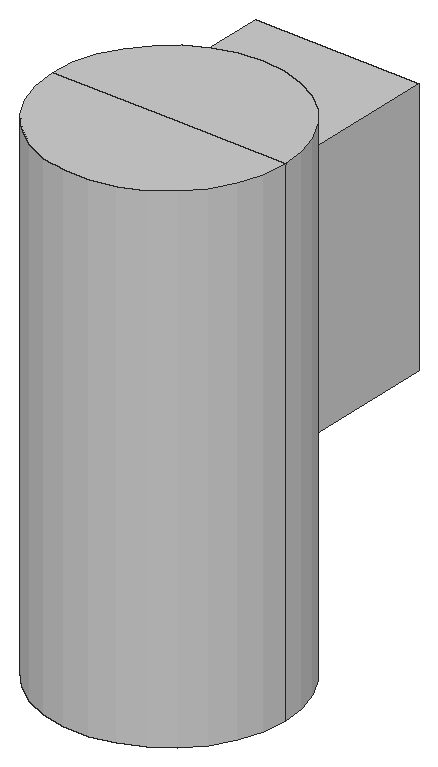
Revit family "WALL SINGLE TUBE 03_AM25W.1.38", category Luminarias, Revit 2019
Family settings
  Cota de conector redondo = Diámetro de uso
  Tipo de pieza = Normal
  Se basa en plano de trabajo = Sí
  Siempre vertical = No
  Corte con vacíos al cargar = No
  Origen de luz = Sí
  Compartido = No
  Punto de cálculo de habitación = No
Parameters (values of type "WALL SINGLE TUBE 03_AM25W.1.38")
  Ángulo de inclinación = 60.00°
  Zone [instance] = ""
  Watt per fixture = 30
  Wattage = 30 W
  built-in parameter 1150107 = 3000 (stored number, unit not read)
  built-in parameter 1150110 = 1 (stored number, unit not read)
  built-in parameter 1150109 = 1 (stored number, unit not read)
  built-in parameter 1150112 = 1 (stored number, unit not read)
  built-in parameter 1150113 = 1 (stored number, unit not read)
  built-in parameter 1114218 = 1 (stored number, unit not read)
  Keynote = ""
  built-in parameter 1150137 = (empty or 0)
  built-in parameter 1150132 = (empty or 0)
  Modelo = "AM25W.1.38"
  Lámpara = "NICHIA"
  built-in parameter 1150105 = 191.94 (stored number, unit not read)
  built-in parameter 1150102 = (empty or 0)
  built-in parameter 1150106 = 1.9194 (stored number, unit not read)
  Lumens = 2412 lm
  Color Filter = 16777215
  built-in parameter 1114217 = 1 (stored number, unit not read)
  built-in parameter 1150139 = (empty or 0)
  Fabricante = "BRILLANT"
  Default Elevation = 0 mm
  built-in parameter 1150104 = 7.4694 (stored number, unit not read)
  Descripción = "LUMINARIA DIRIGIBLE EN FORMA TUBULAR TIPO ARBOTANTE, DE MATERIAL EN ALEACION DE ALUMINIO EXTRUIDO CON UN PESO DE 3.1KG, CON 1 LED TIPO NICHIA CON UNA POTENCIA TOTAL DE 30W, 2412 LUMENES, TEMPERATURA EN BLANCO CALIDO 3000K, IRC 80, IP 65, IK10, APERTURA DE 38 GRADOS POR PROYECTO, CORRIENTE DE OPERACIÓN 270mA, CABLE DE 0.3M, ALIMENTADO A 100-277VAC"
  built-in parameter 1150115 = 1 (stored number, unit not read)
  built-in parameter 1150114 = 1 (stored number, unit not read)
  Comentarios de vataje = "100-277V"
  built-in parameter 1150138 = (empty or 0)
  built-in parameter 1150134 = (empty or 0)
  Circuit [instance] = ""
  Dimming Lamp Color Temperature Shift = (empty or 0)
  Archivo de red fotométrica = "AM24W.1_38º.IES"
  built-in parameter 1150133 = 10 (stored number, unit not read)
Reference planes
  plane 1 "Centro (Frontal/Posterior)": y = 0
  plane 2: z = 0
  plane 3 "Centro (Izquierda/Derecha)": x = 0
Forms (mm)
  Revolve 1, solid, material "Cristal", not visible
    sketch origin (-152, 0, 0) x (0, 1, 0) y (0, 0, -1)
      loop
        line (0, -8.749) -> (0, -7.25) -> (-1.499, -7.25)
        arc (-1.499, -7.25) -> (-1.06, -8.31) -> (0, -8.749) r 1.499
      axis (0, -7.25) -> (-1.499, -7.25)
    angle from 0 to 360
  Revolve 2, solid, material "Cristal", not visible
    sketch origin (-136, 0, 0) x (0, 1, 0) y (0, 0, -1)
      loop
        line (0, -8.749) -> (0, -7.25) -> (-1.499, -7.25)
        arc (-1.499, -7.25) -> (-1.06, -8.31) -> (0, -8.749) r 1.499
      axis (0, -7.25) -> (-1.499, -7.25)
    angle from 0 to 360
  Revolve 3, solid, material "Cristal", not visible
    sketch origin (-120, 0, 0) x (0, 1, 0) y (0, 0, -1)
      loop
        line (0, -8.749) -> (0, -7.25) -> (-1.499, -7.25)
        arc (-1.499, -7.25) -> (-1.06, -8.31) -> (0, -8.749) r 1.499
      axis (0, -7.25) -> (-1.499, -7.25)
    angle from 0 to 360
  Revolve 4, solid, material "Cristal", not visible
    sketch origin (-104, 0, 0) x (0, 1, 0) y (0, 0, -1)
      loop
        line (0, -8.749) -> (0, -7.25) -> (-1.499, -7.25)
        arc (-1.499, -7.25) -> (-1.06, -8.31) -> (0, -8.749) r 1.499
      axis (0, -7.25) -> (-1.499, -7.25)
    angle from 0 to 360
  Revolve 5, solid, material "Cristal", not visible
    sketch origin (-88, 0, 0) x (0, 1, 0) y (0, 0, -1)
      loop
        line (0, -8.749) -> (0, -7.25) -> (-1.499, -7.25)
        arc (-1.499, -7.25) -> (-1.06, -8.31) -> (0, -8.749) r 1.499
      axis (0, -7.25) -> (-1.499, -7.25)
    angle from 0 to 360
  Revolve 6, solid, material "Cristal", not visible
    sketch origin (-72, 0, 0) x (0, 1, 0) y (0, 0, -1)
      loop
        line (0, -8.749) -> (0, -7.25) -> (-1.499, -7.25)
        arc (-1.499, -7.25) -> (-1.06, -8.31) -> (0, -8.749) r 1.499
      axis (0, -7.25) -> (-1.499, -7.25)
    angle from 0 to 360
  Revolve 7, solid, material "Cristal", not visible
    sketch origin (-56, 0, 0) x (0, 1, 0) y (0, 0, -1)
      loop
        line (0, -8.749) -> (0, -7.25) -> (-1.499, -7.25)
        arc (-1.499, -7.25) -> (-1.06, -8.31) -> (0, -8.749) r 1.499
      axis (0, -7.25) -> (-1.499, -7.25)
    angle from 0 to 360
  Revolve 8, solid, material "Cristal", not visible
    sketch origin (-40, 0, 0) x (0, 1, 0) y (0, 0, -1)
      loop
        line (0, -8.749) -> (0, -7.25) -> (-1.499, -7.25)
        arc (-1.499, -7.25) -> (-1.06, -8.31) -> (0, -8.749) r 1.499
      axis (0, -7.25) -> (-1.499, -7.25)
    angle from 0 to 360
  Revolve 9, solid, material "Cristal", not visible
    sketch origin (-24, 0, 0) x (0, 1, 0) y (0, 0, -1)
      loop
        line (0, -8.749) -> (0, -7.25) -> (-1.499, -7.25)
        arc (-1.499, -7.25) -> (-1.06, -8.31) -> (0, -8.749) r 1.499
      axis (0, -7.25) -> (-1.499, -7.25)
    angle from 0 to 360
  Revolve 10, solid, material "Cristal", not visible
    sketch origin (-8, 0, 0) x (0, 1, 0) y (0, 0, -1)
      loop
        line (0, -8.749) -> (0, -7.25) -> (-1.499, -7.25)
        arc (-1.499, -7.25) -> (-1.06, -8.31) -> (0, -8.749) r 1.499
      axis (0, -7.25) -> (-1.499, -7.25)
    angle from 0 to 360
  Revolve 11, solid, material "Cristal", not visible
    sketch origin (8, 0, 0) x (0, 1, 0) y (0, 0, -1)
      loop
        line (0, -8.749) -> (0, -7.25) -> (-1.499, -7.25)
        arc (-1.499, -7.25) -> (-1.06, -8.31) -> (0, -8.749) r 1.499
      axis (0, -7.25) -> (-1.499, -7.25)
    angle from 0 to 360
  Revolve 12, solid, material "Cristal", not visible
    sketch origin (24, 0, 0) x (0, 1, 0) y (0, 0, -1)
      loop
        line (0, -8.749) -> (0, -7.25) -> (-1.499, -7.25)
        arc (-1.499, -7.25) -> (-1.06, -8.31) -> (0, -8.749) r 1.499
      axis (0, -7.25) -> (-1.499, -7.25)
    angle from 0 to 360
  Revolve 13, solid, material "Cristal", not visible
    sketch origin (40, 0, 0) x (0, 1, 0) y (0, 0, -1)
      loop
        line (0, -8.749) -> (0, -7.25) -> (-1.499, -7.25)
        arc (-1.499, -7.25) -> (-1.06, -8.31) -> (0, -8.749) r 1.499
      axis (0, -7.25) -> (-1.499, -7.25)
    angle from 0 to 360
  Revolve 14, solid, material "Cristal", not visible
    sketch origin (56, 0, 0) x (0, 1, 0) y (0, 0, -1)
      loop
        line (0, -8.749) -> (0, -7.25) -> (-1.499, -7.25)
        arc (-1.499, -7.25) -> (-1.06, -8.31) -> (0, -8.749) r 1.499
      axis (0, -7.25) -> (-1.499, -7.25)
    angle from 0 to 360
  Revolve 15, solid, material "Cristal", not visible
    sketch origin (72, 0, 0) x (0, 1, 0) y (0, 0, -1)
      loop
        line (0, -8.749) -> (0, -7.25) -> (-1.499, -7.25)
        arc (-1.499, -7.25) -> (-1.06, -8.31) -> (0, -8.749) r 1.499
      axis (0, -7.25) -> (-1.499, -7.25)
    angle from 0 to 360
  Revolve 16, solid, material "Cristal", not visible
    sketch origin (88, 0, 0) x (0, 1, 0) y (0, 0, -1)
      loop
        line (0, -8.749) -> (0, -7.25) -> (-1.499, -7.25)
        arc (-1.499, -7.25) -> (-1.06, -8.31) -> (0, -8.749) r 1.499
      axis (0, -7.25) -> (-1.499, -7.25)
    angle from 0 to 360
  Revolve 17, solid, material "Cristal", not visible
    sketch origin (104, 0, 0) x (0, 1, 0) y (0, 0, -1)
      loop
        line (0, -8.749) -> (0, -7.25) -> (-1.499, -7.25)
        arc (-1.499, -7.25) -> (-1.06, -8.31) -> (0, -8.749) r 1.499
      axis (0, -7.25) -> (-1.499, -7.25)
    angle from 0 to 360
  Revolve 18, solid, material "Cristal", not visible
    sketch origin (120, 0, 0) x (0, 1, 0) y (0, 0, -1)
      loop
        line (0, -8.749) -> (0, -7.25) -> (-1.499, -7.25)
        arc (-1.499, -7.25) -> (-1.06, -8.31) -> (0, -8.749) r 1.499
      axis (0, -7.25) -> (-1.499, -7.25)
    angle from 0 to 360
  Revolve 19, solid, material "Cristal", not visible
    sketch origin (136, 0, 0) x (0, 1, 0) y (0, 0, -1)
      loop
        line (0, -8.749) -> (0, -7.25) -> (-1.499, -7.25)
        arc (-1.499, -7.25) -> (-1.06, -8.31) -> (0, -8.749) r 1.499
      axis (0, -7.25) -> (-1.499, -7.25)
    angle from 0 to 360
  Revolve 20, solid, material "Cristal", not visible
    sketch origin (152, 0, 0) x (0, 1, 0) y (0, 0, -1)
      loop
        line (0, -8.749) -> (0, -7.25) -> (-1.499, -7.25)
        arc (-1.499, -7.25) -> (-1.06, -8.31) -> (0, -8.749) r 1.499
      axis (0, -7.25) -> (-1.499, -7.25)
    angle from 0 to 360
  Revolve 21, solid, material "Acero Inoxidable"
    sketch origin (0, -117, 120.325) x (-1, 0, 0) y (0, 0, 1)
      loop
        line (0, 157.446) -> (-65, 157.446) -> (-65, -120.325) -> (-64.2, -120.325) -> (-64.2, -119.441) -> (-63.399, -119.441) -> (-63.399, -120.325) -> (-58.59, -120.325) -> (-58.59, -119.453)
        arc (-58.59, -119.453) -> (-48.278, -112.244) -> (-36.124, -108.997) r 36.226
        line (-36.124, -108.997) -> (0, -108.997) -> (0, 157.446)
      axis (0, 157.446) -> (0, -120.325)
    angle from 0 to 360
  Extrusion 22, solid, material "Cristal"
    sketch origin (0, -25.506, 0) x (1, 0, 0) y (0, 1, 0)
      loop
        circle (0, -91.494) r 58.59
    from 0 to 0.872
  Extrusion 23, solid, material "Acero Inoxidable"
    sketch origin (0, 0, 0) x (1, 0, 0) y (0, 1, 0)
      loop
        line (-45.5, 0) -> (-45.5, -70.581)
        arc (-45.5, -70.581) -> (0, -52) -> (45.5, -70.581) r 65
        line (45.5, -70.581) -> (45.5, 0) -> (-45.5, 0)
    from 116.238 to 259.531
  Extrusion 24, void
    sketch origin (0, -45, 0) x (1, 0, 0) y (0, 1, 0)
      loop
        circle (0, -11) r 1.283
      loop
        circle (52.828, -41.5) r 1.283
      loop
        circle (52.828, -102.5) r 1.283
      loop
        circle (0, -133) r 1.283
      loop
        circle (-52.828, -102.5) r 1.283
      loop
        circle (-52.828, -41.5) r 1.283
    from 0 to 1.671
  Extrusion 25, solid, material "Acero Inoxidable"
    sketch origin (0, -45, 0) x (1, 0, 0) y (0, 1, 0)
      loop
        circle (-0.023, -11.013) r 1.084
      loop
        line (-0.813, -11.013) -> (-0.418, -11.698) -> (0.372, -11.698) -> (0.767, -11.013) -> (0.372, -10.329) -> (-0.418, -10.329) -> (-0.813, -11.013)
      loop
        circle (52.828, -41.5) r 1.084
      loop
        line (52.037, -41.5) -> (52.432, -42.184) -> (53.223, -42.184) -> (53.618, -41.5) -> (53.223, -40.816) -> (52.432, -40.816) -> (52.037, -41.5)
      loop
        circle (52.828, -102.5) r 1.084
      loop
        line (52.037, -102.5) -> (52.432, -103.184) -> (53.223, -103.184) -> (53.618, -102.5) -> (53.223, -101.816) -> (52.432, -101.816) -> (52.037, -102.5)
      loop
        circle (0, -133) r 1.084
      loop
        line (-0.79, -133) -> (-0.395, -133.684) -> (0.395, -133.684) -> (0.79, -133) -> (0.395, -132.316) -> (-0.395, -132.316) -> (-0.79, -133)
      loop
        circle (-52.828, -102.5) r 1.084
      loop
        line (-53.618, -102.5) -> (-53.223, -103.184) -> (-52.432, -103.184) -> (-52.037, -102.5) -> (-52.432, -101.816) -> (-53.223, -101.816) -> (-53.618, -102.5)
      loop
        circle (-52.828, -41.5) r 1.084
      loop
        line (-53.618, -41.5) -> (-53.223, -42.184) -> (-52.432, -42.184) -> (-52.037, -41.5) -> (-52.432, -40.816) -> (-53.223, -40.816) -> (-53.618, -41.5)
    from 0 to 1.671
  Extrusion 26, void
    sketch origin (0, -13.75, 0) x (1, 0, 0) y (0, 1, 0)
      loop
        circle (-20.22, -13.334) r 3.469
      loop
        circle (20.22, -13.334) r 3.469
    from 116.238 to 121.734
  Extrusion 27, solid, material "Aluminio"
    sketch origin (0, -13.75, 0) x (1, 0, 0) y (0, 1, 0)
      loop
        circle (-20.22, -13.334) r 3.271
      loop
        line (-22.643, -12.929) -> (-22.643, -13.738) -> (-20.62, -13.738) -> (-20.62, -15.757) -> (-19.82, -15.757) -> (-19.82, -13.738) -> (-17.797, -13.738) -> (-17.797, -12.929) -> (-19.82, -12.929) -> (-19.82, -10.911) -> (-20.62, -10.911) -> (-20.62, -12.929) -> (-22.643, -12.929)
      loop
        circle (20.22, -13.334) r 3.271
      loop
        line (22.643, -12.929) -> (20.62, -12.929) -> (20.62, -10.911) -> (19.82, -10.911) -> (19.82, -12.929) -> (17.797, -12.929) -> (17.797, -13.738) -> (19.82, -13.738) -> (19.82, -15.757) -> (20.62, -15.757) -> (20.62, -13.738) -> (22.643, -13.738) -> (22.643, -12.929)
    from 116.238 to 121.734
Cuts and joins
  Extrusion 24 cuts Revolve 21
  Extrusion 26 cuts Extrusion 23
Lines and regions (mm)
  model lines
    curve 1: line (-1.283, -43.146, 0) -> (1.283, -43.146, 0)
    curve 2: line (0, -182, 0) -> (130, -182, 0)
Dimensions and locks
  equal spacing: Extrusion 23 sketch curve, plane 3 "Centro (Izquierda/Derecha)", Extrusion 23 sketch curve
  Extrusion 23 sketch curve to plane 3 "Centro (Izquierda/Derecha)" = 45.5 mm
  Extrusion 23 sketch curve to Extrusion 23 sketch curve = 91 mm
  Extrusion 23 to Extrusion 23 = 91 mm
  Extrusion 23 to Extrusion 23 = 143.293 mm
  cut or joined group of Revolve 21, Extrusion 24 to cut or joined group of Revolve 21, Extrusion 24 = 277.771 mm
  aligned and locked: level to plane 2
  aligned and locked: Extrusion 22 to level
  aligned and locked: Extrusion 26 to Extrusion 27
  aligned and locked: Extrusion 23 to Extrusion 26
  aligned and locked: cut or joined group of Extrusion 23, Extrusion 26 to Extrusion 27
Connectors
  electrical at (0, 0, 187.885)
    settings: on cut or joined group of Extrusion 23, Extrusion 26, index 1, voltage 277 V, apparent load 0 VA, apparent load phase1 0 VA, apparent load phase2 0 VA, apparent load phase3 0 VA, power factor 1, load classification "Otro", number of poles 1, system type 31, power factor state 1, is connector primary yes, connector utility no, sub classification motor no, connector description ""
